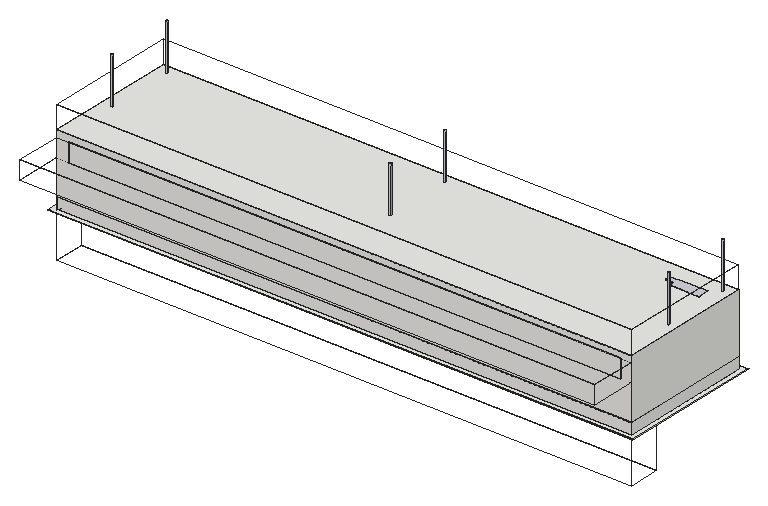
Revit family "AIRTECNICS_AIR CURTAIN_RECESSED DAM_ELECTRICAL HEATED (E)123", category Mechanical Equipment, Revit 2016 (continued)
Types (16, lengths in mm): name | Weight | Product Size | Product Reference | Product Description | Power Fans Factor | Power Fans | Noise Level (dB(A)) | M | Length | G | Electrical Heating Capacity (kW) | Electrical + Current Fans | EC | Current Fans | L | CT | CM | Airflow | 3rd Phase | 2nd Phase | 1st Phase
  RDAM ECM 1500 E | 78.00 kg | "1500" | "RDAM ECM 1500 E" | "Compact and low profile recessed air curtain with full grille view.\r\nSelf-supporting casing construction made of galvanized steel plate, ready to be installed recessed in a false ceiling. \r\nInlet grille (free of maintenance) made with aluminium profiles and blow-out nozzle, integrated in a single white frame colour RAL 9016. Other colours are available on request. \r\nDouble-inlet centrifugal fans driven by an external rotor motor and low noise level. 5-speed selector. EC models assembled with very low consumption efficiency fans. \r\n“E” type with electrical shielded elements, three stages with integrated regulation. \r\nIncludes Plug&Play control with 7m RJ45 cable and infrared remote control. Optional: Clever control (programmable, automatic, intelligent, energy saving, Modbus RTU for BMS…)\r\nAir Volume: 2760 m3/h \r\nFans:  0,213 kW  1,86 A 230Vx1 50/60Hz\r\nHeating power: 4/8/12 kW (400Vx3)\r\nDimensions: 627x310x1548 mm (depth, height, length)" | 0.5 | 0.213 kW | 57 | yes | 1548.0 | no | "4/8/12" | 19.27 A | yes | 1.86 A | 1500.0 | 4 | 6 | 2760 m³/h | 4000 VA | 4000 VA | 4218 VA
  RDAM ECM 1000 E | 52.00 kg | "1000" | "RDAM ECM 1000 E" | "Compact and low profile recessed air curtain with full grille view.\r\nSelf-supporting casing construction made of galvanized steel plate, ready to be installed recessed in a false ceiling. \r\nInlet grille (free of maintenance) made with aluminium profiles and blow-out nozzle, integrated in a single white frame colour RAL 9016. Other colours are available on request. \r\nDouble-inlet centrifugal fans driven by an external rotor motor and low noise level. 5-speed selector. EC models assembled with very low consumption efficiency fans. \r\n“E” type with electrical shielded elements, three stages with integrated regulation. \r\nIncludes Plug&Play control with 7m RJ45 cable and infrared remote control. Optional: Clever control (programmable, automatic, intelligent, energy saving, Modbus RTU for BMS…)\r\nAir Volume: 1840 m3/h \r\nFans:  0,142 kW  1,24 A 230Vx1 50/60Hz\r\nHeating power: 3/6/9 kW (400Vx3)\r\nDimensions: 627x310x1048 mm (depth, height, length)" | 0.5 | 0.142 kW | 56 | yes | 1048.0 | no | "3/6/9" | 14.29 A | yes | 1.24 A | 1000.0 | 2 | 6 | 1840 m³/h | 3000 VA | 3000 VA | 3145 VA
  RDAM M 2500 E | 113.00 kg | "2500" | "RDAM M 2500 E" | "Compact and low profile recessed air curtain with full grille view.\r\nSelf-supporting casing construction made of galvanized steel plate, ready to be installed recessed in a false ceiling. \r\nInlet grille (free of maintenance) made with aluminium profiles and blow-out nozzle, integrated in a single white frame colour RAL 9016. Other colours are available on request. \r\nDouble-inlet centrifugal fans driven by an external rotor motor and low noise level. 5-speed selector. \r\n“E” type with electrical shielded elements, three stages with integrated regulation. \r\nIncludes Plug&Play control with 7m RJ45 cable and infrared remote control. Optional: Clever control (programmable, automatic, intelligent, energy saving, Modbus RTU for BMS…)\r\nAir Volume: 4500 m3/h \r\nFans:  0,53 kW  2,35 A 230Vx1 50Hz\r\nHeating power: 6/12/18 kW (400Vx3)\r\nDimensions: 627x310x2548 mm (depth, height, length)" | 0.98 | 0.53 kW | 58 | yes | 2548.0 | no | "6/12/18" | 28.33 A | no | 2.35 A | 2500.0 | 16 | 2 | 4500 m³/h | 6000 VA | 6000 VA | 6530 VA
  RDAM M 2000 E | 102.00 kg | "2000" | "RDAM M 2000 E" | "Compact and low profile recessed air curtain with full grille view.\r\nSelf-supporting casing construction made of galvanized steel plate, ready to be installed recessed in a false ceiling. \r\nInlet grille (free of maintenance) made with aluminium profiles and blow-out nozzle, integrated in a single white frame colour RAL 9016. Other colours are available on request. \r\nDouble-inlet centrifugal fans driven by an external rotor motor and low noise level. 5-speed selector. \r\n“E” type with electrical shielded elements, three stages with integrated regulation. \r\nIncludes Plug&Play control with 7m RJ45 cable and infrared remote control. Optional: Clever control (programmable, automatic, intelligent, energy saving, Modbus RTU for BMS…)\r\nAir Volume: 3600 m3/h \r\nFans:  0,424 kW  1,88 A 230Vx1 50Hz\r\nHeating power: 6/12/18 kW (400Vx3)\r\nDimensions: 627x310x2048 mm (depth, height, length)" | 0.98 | 0.424 kW | 57 | yes | 2048.0 | no | "6/12/18" | 27.86 A | no | 1.88 A | 2000.0 | 8 | 2 | 3600 m³/h | 6000 VA | 6000 VA | 6424 VA
  RDAM M 1500 E | 78.00 kg | "1500" | "RDAM M 1500 E" | "Compact and low profile recessed air curtain with full grille view.\r\nSelf-supporting casing construction made of galvanized steel plate, ready to be installed recessed in a false ceiling. \r\nInlet grille (free of maintenance) made with aluminium profiles and blow-out nozzle, integrated in a single white frame colour RAL 9016. Other colours are available on request. \r\nDouble-inlet centrifugal fans driven by an external rotor motor and low noise level. 5-speed selector. \r\n“E” type with electrical shielded elements, three stages with integrated regulation. \r\nIncludes Plug&Play control with 7m RJ45 cable and infrared remote control. Optional: Clever control (programmable, automatic, intelligent, energy saving, Modbus RTU for BMS…)\r\nAir Volume: 2700 m3/h \r\nFans:  0,318 kW  1,41 A 230Vx1 50Hz\r\nHeating power: 4/8/12 kW (400Vx3)\r\nDimensions: 627x310x1548 mm (depth, height, length)" | 0.98 | 0.318 kW | 56 | yes | 1548.0 | no | "4/8/12" | 18.73 A | no | 1.41 A | 1500.0 | 4 | 2 | 2700 m³/h | 4000 VA | 4000 VA | 4318 VA
  RDAM M 1000 E | 52.00 kg | "1000" | "RDAM M 1000 E" | "Compact and low profile recessed air curtain with full grille view.\r\nSelf-supporting casing construction made of galvanized steel plate, ready to be installed recessed in a false ceiling. \r\nInlet grille (free of maintenance) made with aluminium profiles and blow-out nozzle, integrated in a single white frame colour RAL 9016. Other colours are available on request. \r\nDouble-inlet centrifugal fans driven by an external rotor motor and low noise level. 5-speed selector. \r\n“E” type with electrical shielded elements, three stages with integrated regulation. \r\nIncludes Plug&Play control with 7m RJ45 cable and infrared remote control. Optional: Clever control (programmable, automatic, intelligent, energy saving, Modbus RTU for BMS…)\r\nAir Volume: 1800 m3/h \r\nFans:  0,212 kW  0,94 A 230Vx1 50Hz\r\nHeating power: 3/6/9 kW (400Vx3)\r\nDimensions: 627x310x1048 mm (depth, height, length)" | 0.98 | 0.212 kW | 55 | yes | 1048.0 | no | "3/6/9" | 13.93 A | no | 0.94 A | 1000.0 | 2 | 2 | 1800 m³/h | 3000 VA | 3000 VA | 3212 VA
